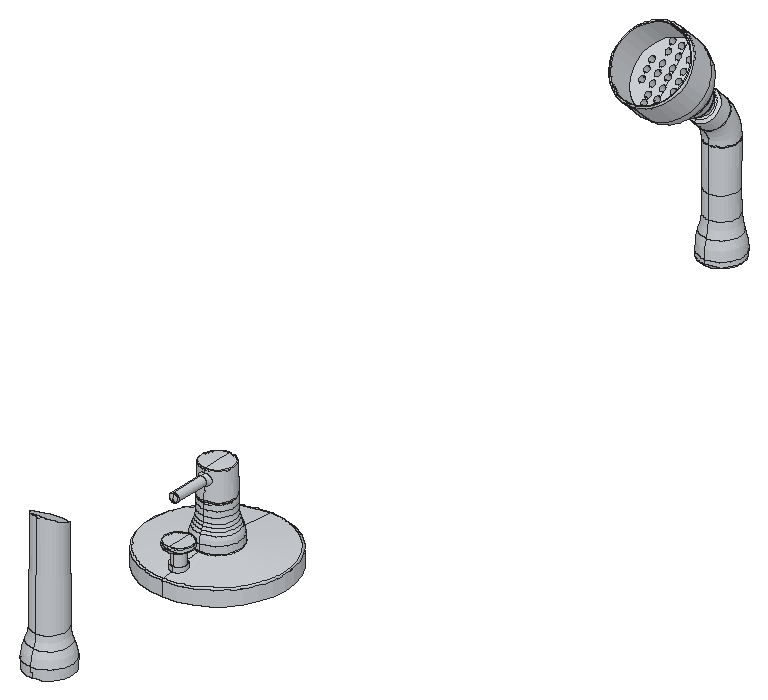
Revit family "Shower-Bath_and_Shower_Trim-KOHLER-Toobi-K-T8975", category Plumbing Fixtures, host Face, Revit 2015
Parameters (values of type "With Showerhead-CP-Polished Chrome")
  Width = 6 1/2"  # constant formula
  WaterSense Certified = 1 = 1  # yes
  Waste Water Outlet = "Waste Water Outlet"  # constant formula
  Waste Connection = 1 = 0  # no
  Vent Connection = 1 = 0  # no
  URL = "https://www.us.kohler.com/us/"
  Type = 1
  Tempered Water Inlet 2 = "Tempered Water Inlet 2"  # constant formula
  Tempered Water Inlet 1 = "Tempered Water Inlet 1"  # constant formula
  Spout distance [instance] = 10"
  Spout Reach = 6 3/4"  # constant formula
  Showerhead = or(Type = 1, Type = 2)  # yes
  Shower distance [instance] = 30"
  Product Page URL = "http://www.us.kohler.com/us/catalog/productDetails.jsp?productNumber=T8975-4"
  Product Name = "Toobi"  # constant formula
  Product Documentation Link = "https://www.us.kohler.com/webassets/kpna/catalog/pdf/en/K-T8975-4_spec.pdf"
  Pressure = 80.00 psi  # constant formula
  Model = if(Type = 1, "K-T8975-4-CP", if(Type = 2, "K-T8975-4-BN", if(Type = 3, "K-T8975-4L-CP", if(Type = 4, "K-T8975-4L-BN", "NA"))))  # "K-T8975-4-CP"
  Material = "Premium Material Construction "  # constant formula
  MasterFormat 2004 = "22.41.23"  # constant formula
  MasterFormat 1995 = "15410"  # constant formula
  Manufacturer Address = "444 Highland Dr, Kohler, WI 53044"  # constant formula
  Manufacturer = "KOHLER Co."  # constant formula
  Less Showerhead = or(Type = 3, Type = 4)  # no
  Length [instance] = if(or(Less Showerhead), 6 15/16", 10")  # 10"
  Hot Water Inlet = "Hot Water Inlet"  # constant formula
  Height = 6 1/2"  # constant formula
  HW Connection = 1 = 1  # yes
  Flow Rate = 2 GPM  # constant formula
  Finish = Kohler-Metal-CP-Polished_Chrome
  Environmental Product Declaration = ""
  Drain Included = 1 = 0  # no
  Description = if(or(Type = 1, Type = 2), "bath and shower trim set, valve not included", if(or(Type = 3, Type = 4), "Rite-Temp bath and shower trim set with push-button diverter, less showerhead", "NA"))  # "bath and shower trim set, valve not included"
  Default Elevation = 42"
  Declare Label = ""
  Date Modified = "3/22/2019"  # constant formula
  Date Created = "3/22/2019"  # constant formula
  Copyright = "Copyright KOHLER Co."  # constant formula
  Contact Us = "https://www.us.kohler.com/us/static/contact.jsp"
  Cold Water Inlet = "Cold Water Inlet"  # constant formula
  CW Connection = 1 = 0  # no
  Assembly Code = "D2010700"
  ADA Compliant = 1 = 0  # no
Reference planes (in)
  plane 1 "Center (Front/Back)": y = 0
  plane 2: z = 0
  plane 3 "Center (Left/Right)": x = 0
  plane 4: y = 30
  plane 5: y = 3.25
  plane 6: y = -3.25
  plane 7: z = 10
  plane 8: z = 6.9375
  plane 9: y = 29
  plane 10: y = 25.8125
  plane 11: y = 31
  plane 12: y = -10
  plane 13: x = -3.25
  plane 14: x = 3.25
  plane 15: z = 6.75
  plane 16: x = -1.09375
  plane 17: x = 1.09375
  plane 18: y = -8.90625
  plane 19: y = -11.09375
  plane 20: x = -1
  plane 21: x = 1
Dimensions and locks (in)
  "Spout distance": plane 12 to plane 1 "Center (Front/Back)"
  "Shower distance": plane 1 "Center (Front/Back)" to plane 4
  "Height": plane 13 to plane 14
  "Width": plane 5 to plane 6
  "Length": level to plane 7
  "Spout Reach": plane 15 to level
  locked: plane 18 to plane 19 at 2.1875
  equal spacing: plane 18, plane 12, plane 19
  plane 9 to plane 11 = 2"
  equal spacing: plane 9, plane 4, plane 11
  locked: plane 4 to plane 10 at 4.1875
  aligned and locked: plane 2 to host face
  aligned and locked: level to host face
  aligned and locked: nested 1 to plane 12
  aligned and locked: plane 4 to nested 2
Automatic sketch dimensions
  host sketch curve to host sketch curve = 96"  (x2)
Nested families (in)
  nested 1: "K-T8975-Spout" at (0, 0, 0), type "K-T8975-Spout"
  nested 2: "K-T8975-Showerhead" at (0, 30, 0), type "K-T8975-Showerhead"
  nested 3: "K-T8975-valve" at (0, 0, 0), type "K-T8975-valve"
Connectors (in)
  piping at (0, 30, 0), diameter 0.5, driven by "Flow Rate", driven by "Pressure", driven by "HW Connection", driven by "Tempered Water Inlet 1"
    settings: on nested 2, index 1, connector inside diameter 24", connector length 0", flow factor 0, pipe flow 2 GPM, pressure drop 80.00 psi, fitting loss kfactor 0, connector angle 0.00°, fixture units 0, engagement length 0", angle of deflection 0.00°, flow configuration 1, flow direction 1, fitting loss method 4, system type 19, joint type 0, gender type 0, connector reference index -1, connector utility 1, adjustable connector no, is connector primary yes, connector description "Tempered Water Inlet 1"
  piping at (0, -10, 0), diameter 0.5, driven by "Flow Rate", driven by "Pressure", driven by "HW Connection", driven by "Tempered Water Inlet 2"
    settings: on nested 1, index 2, connector inside diameter 24", connector length 0", flow factor 0, pipe flow 2 GPM, pressure drop 80.00 psi, fitting loss kfactor 0, connector angle 0.00°, fixture units 0, engagement length 0", angle of deflection 0.00°, flow configuration 1, flow direction 1, fitting loss method 4, system type 19, joint type 0, gender type 0, connector reference index -1, connector utility 1, adjustable connector no, is connector primary no, connector description "Tempered Water Inlet 2"
Definition of nested family "K-T8975-Spout"
  Parameters (values of type "K-T8975-Spout")
    Material = none
  Reference planes (in)
    plane 1 "Center (Front/Back)": y = 0
    plane 2: z = 0
    plane 3 "Center (Left/Right)": x = 0
    plane 4: z = 4.4375
    plane 5: y = -10
    plane 6: z = 6.75
    plane 7: z = 6.75
  Forms (in)
    Revolve 1, solid, material <- "Material", detail levels medium+fine
      sketch origin (0, 0, 0) x (0, 1, 0) y (0, 0, 1)
        loop
          line (-10, 6.75) -> (-10.71587, 6.75)
          arc (-10.71587, 6.75) -> (-10.73205, 6.74334) -> (-10.73885, 6.72722) r 0.02298
          line (-10.73885, 6.72722) -> (-10.78321, 1.7563)
          arc (-10.78321, 1.7563) -> (-10.81657, 1.44747) -> (-10.90983, 1.15118) r 1.57659
          arc (-10.90983, 1.15118) -> (-11.02292, 0.81477) -> (-11.08144, 0.46473) r 2.23957
          arc (-11.08144, 0.46473) -> (-11.08944, 0.23215) -> (-11.07325, 0) r 2.23957
          line (-11.07325, 0) -> (-10, 0) -> (-10, 6.75)
        axis (-10, 6.75) -> (-10, 0)
      angle from 0 to 360
    Extrusion 2, void, detail levels medium+fine
      sketch origin (0, 0, 0) x (0, 1, 0) y (0, 0, 1)
        loop
          line (-11.14514, 6.95336) -> (-9.09918, 5.93773) -> (-9.09918, 6.95336) -> (-11.14514, 6.95336)
      from -0.92074 to 1.20102
    Extrusion 3, solid, material <- "Material", detail levels medium+fine
      sketch origin (0, 0, 0) x (1, 0, 0) y (0, 1, 0)
        loop
          circle (0, -10) r 0.25
      from 0 to 0.05534
    Revolve 4, solid, material <- "Material", detail levels coarse
      sketch origin (0, -10, 0) x (1, 0, 0) y (0, 0, 1)
        loop
          line (0, 0) -> (1.25, 0) -> (1.25, 6.75) -> (0, 6.75) -> (0, 0)
        axis (0, 0) -> (0, 6.75)
      angle from 0 to 360
  Cuts and joins
    Extrusion 2 cuts Revolve 1
  Lines and regions (in)
    Masking region 1
      outline origin (0, 0, 0) x (0, 1, 0) y (0, 0, 1)
        loop
          line (-10, 0) -> (-8.92675, 0)
          arc (-8.92675, 0) -> (-8.91056, 0.23215) -> (-8.91856, 0.46473) r 2.23957
          arc (-8.91856, 0.46473) -> (-8.97708, 0.81477) -> (-9.09017, 1.15118) r 2.23957
          arc (-9.09017, 1.15118) -> (-9.18343, 1.44747) -> (-9.21679, 1.7563) r 1.57659
          line (-9.21679, 1.7563) -> (-9.2548, 6.01498) -> (-10.70789, 6.73631) -> (-10.73865, 6.75) -> (-10.78321, 1.7563)
          arc (-10.78321, 1.7563) -> (-10.81657, 1.44747) -> (-10.90983, 1.15118) r 1.57659
          arc (-10.90983, 1.15118) -> (-11.02292, 0.81477) -> (-11.08144, 0.46473) r 2.23957
          arc (-11.08144, 0.46473) -> (-11.08944, 0.23215) -> (-11.07325, 0) r 2.23957
          line (-11.07325, 0) -> (-10, 0)
    Masking region 2
      outline origin (0, 0, 0) x (1, 0, 0) y (0, 0, 1)
        loop
          line (0, 0) -> (1.07325, 0)
          arc (1.07325, 0) -> (1.08944, 0.23215) -> (1.08144, 0.46473) r 2.23957
          arc (1.08144, 0.46473) -> (1.02292, 0.81477) -> (0.90983, 1.15118) r 2.23957
          arc (0.90983, 1.15118) -> (0.81657, 1.44747) -> (0.78321, 1.7563) r 1.57659
          line (0.78321, 1.7563) -> (0.74185, 6.39128)
          spline (0.74185, 6.39128) -> (0.7152, 6.48432) -> (0.64034, 6.57088) -> (0.52232, 6.64512) -> (0.36909, 6.70204) -> (0.19098, 6.7378) -> (0, 6.75) -> (-0.19098, 6.7378) -> (-0.36909, 6.70204) -> (-0.52232, 6.64512) -> (-0.64034, 6.57088) -> (-0.7152, 6.48432) -> (-0.74185, 6.39128)
          line (-0.74185, 6.39128) -> (-0.78321, 1.7563)
          arc (-0.78321, 1.7563) -> (-0.81657, 1.44747) -> (-0.90983, 1.15118) r 1.57659
          arc (-0.90983, 1.15118) -> (-1.02292, 0.81477) -> (-1.08144, 0.46473) r 2.23957
          arc (-1.08144, 0.46473) -> (-1.08944, 0.23215) -> (-1.07325, 0) r 2.23957
          line (-1.07325, 0) -> (0, 0)
    Masking region 3
      outline origin (0, 0, 0) x (1, 0, 0) y (0, 1, 0)
        loop
          circle (0, -10) r 1.09058
    symbolic lines, detail levels medium+fine
      curve 1: line (0, -8.91856, 0.46473) -> (0, -11.08144, 0.46473)
      curve 2: line (0, -9.09017, 1.15118) -> (0, -10.90983, 1.15118)
      curve 3: line (1.08144, 0, 0.46473) -> (-1.08144, 0, 0.46473)
      curve 4: line (0.90983, 0, 1.15118) -> (-0.90983, 0, 1.15118)
      curve 5: spline (0.74235, 0, 6.33495) -> (0.69624, 0, 6.24939) -> (0.61089, 0, 6.17165) -> (0.4911, 0, 6.1061) -> (0.34364, 0, 6.05645) -> (0.1768, 0, 6.0255) -> (0, 0, 6.01498) -> (-0.1768, 0, 6.0255) -> (-0.34364, 0, 6.05645) -> (-0.4911, 0, 6.1061) -> (-0.61089, 0, 6.17165) -> (-0.69624, 0, 6.24939) -> (-0.74235, 0, 6.33495)
      curve 6: line (0, -9.2548, 0) -> (-0.26525, -10.68959, 0)
      curve 7: spline (-0.26525, -10.68959, 0) -> (-0.24399, -10.69628, 0) -> (-0.2225, -10.70234, 0) -> (-0.20081, -10.70779, 0) -> (-0.17893, -10.71262, 0) -> (-0.15689, -10.71681, 0) -> (-0.13471, -10.72037, 0) -> (-0.11241, -10.72329, 0) -> (-0.09002, -10.72556, 0) -> (-0.06756, -10.7272, 0) -> (-0.04506, -10.72818, 0) -> (-0.02253, -10.72853, 0) -> (0, -10.72822, 0)
      curve 8: spline (0, -10.72822, 0) -> (0.02253, -10.72853, 0) -> (0.04506, -10.72818, 0) -> (0.06756, -10.7272, 0) -> (0.09002, -10.72556, 0) -> (0.11241, -10.72329, 0) -> (0.13471, -10.72037, 0) -> (0.15689, -10.71681, 0) -> (0.17893, -10.71262, 0) -> (0.20081, -10.70779, 0) -> (0.2225, -10.70234, 0) -> (0.24399, -10.69628, 0) -> (0.26525, -10.68959, 0)
      curve 9: line (0.26525, -10.68959, 0) -> (0, -9.2548, 0)
  Dimensions and locks (in)
    plane 5 to plane 1 "Center (Front/Back)" = 10"
    aligned and locked: plane 2 to level
Definition of nested family "K-T8975-Showerhead"
  Parameters (values of type "K-T8975-Showerhead")
    Showerhead = yes
    Material = none
    Less Showerhead = no
  Reference planes (in)
    plane 1 "Center (Front/Back)": y = 0
    plane 2: z = 0
    plane 3 "Center (Left/Right)": x = 0
    plane 4: z = 6.9375
    plane 5: z = 10
    plane 6: y = -4.1875
    plane 7: y = 1
    plane 8 "a": through (0, -1.09663, 5.83259) normal (0, 0.7071, -0.7071)
    plane 9: through (0, -0.98071, 6.9375) normal (0, -0.7071, 0.7071)
    plane 10: y = -1
    plane 11: through (0, -4.1875, 10) normal (0, -0.7071, 0.7071)
    plane 12: y = -1.125
    plane 13: through (0, -1.125, 6.9375) normal (0, -0.7071, 0.7071)
    plane 14: x = -1
    plane 15: x = 1
  Forms (in)
    Revolve 1, solid, material <- "Material", detail levels medium+fine
      sketch origin (0, 0, 0) x (0, 1, 0) y (0, 0, 1)
        loop
          arc (0.97753, 0) -> (0.99269, 0.00622) -> (0.99912, 0.02128) r 0.0216
          arc (0.99912, 0.02128) -> (1.00032, 0.13243) -> (1.00067, 0.24359) r 14.78952
          arc (1.00067, 0.24359) -> (0.96785, 0.67096) -> (0.87059, 1.08842) r 2.81809
          arc (0.87059, 1.08842) -> (0.78286, 1.4526) -> (0.74579, 1.82536) r 2.73095
          arc (0.74579, 1.82536) -> (0.73462, 2.37844) -> (0.7348, 2.93163) r 26.93144
          arc (0.7348, 2.93163) -> (0.74304, 3.96794) -> (0.74579, 5.00427) r 195.423
          line (0.74579, 5.00427) -> (0, 5.00427) -> (0, 0) -> (0.97753, 0)
        axis (0, 5.00427) -> (0, 0)
      angle from 0 to 360
    Sweep 2, solid, material <- "Material", detail levels medium+fine
      path origin (0, 0, 0) x (0, 1, 0) y (0, 0, 1)
        loop
          line (0, 5.00427) -> (0, 5.03775)
          arc (0, 5.03775) -> (-0.13886, 5.73585) -> (-0.5343, 6.32767) r 1.82422
          line (-0.5343, 6.32767) -> (-0.56793, 6.3613)
      profile origin (0, 0, 5.02101) x (0, -1, 0) y (1, 0, 0)
        loop
          circle (0, 0) r 0.74579
    Extrusion 3, solid, material <- "Material", visible <- "Less Showerhead", detail levels medium+fine
      sketch origin (0, -3.46461, 3.46461) x (0, -0.707107, -0.707107) y (-1, 0, 0)
        loop
          circle (-4.09462, 0) r 0.44243
        loop
          circle (-4.09462, 0) r 0.37102
      from -0.69932 to 0.22831
    Extrusion 4, solid, material <- "Material", detail levels medium+fine
      sketch origin (0, 0, 0) x (1, 0, 0) y (0, 1, 0)
        loop
          circle (0, 0) r 0.25
      from 0 to 0.05
    Sweep 5, solid, material <- "Material", detail levels coarse
      path origin (0, 0, 0) x (0, 1, 0) y (0, 0, 1)
        loop
          line (0, 0) -> (0, 4.40368)
          arc (0, 4.40368) -> (-0.25489, 5.68509) -> (-0.98075, 6.77141) r 3.34847
          line (-0.98075, 6.77141) -> (-1.06377, 6.85444)
      profile origin (0, 0, 2.20184) x (0, -1, 0) y (1, 0, 0)
        loop
          circle (-0.00124, -0.00242) r 1
    Revolve 6, solid, material <- "Material", visible <- "Showerhead", detail levels medium+fine
      sketch origin (0, 0, 0) x (0, 1, 0) y (0, 0, 1)
        loop
          line (-5.37519, 8.81231) -> (-5.40723, 8.78027)
          arc (-5.40723, 8.78027) -> (-5.42492, 8.73729) -> (-5.40686, 8.69448) r 0.0604
          line (-5.40686, 8.69448) -> (-4.34663, 7.65266)
          arc (-4.34663, 7.65266) -> (-4.05904, 7.44385) -> (-3.72289, 7.32844) r 1.19996
          arc (-3.72289, 7.32844) -> (-3.35123, 7.2503) -> (-2.98396, 7.15358) r 7.55486
          arc (-2.98396, 7.15358) -> (-2.79895, 7.10428) -> (-2.61194, 7.06323) r 4.31326
          arc (-2.61194, 7.06323) -> (-2.32668, 6.96839) -> (-2.07444, 6.80487) r 1.18572
          arc (-2.07444, 6.80487) -> (-2.04713, 6.79551) -> (-2.0207, 6.8071) r 0.03971
          arc (-2.0207, 6.8071) -> (-1.91421, 6.91279) -> (-1.80691, 7.01767) r 19.76197
          arc (-1.80691, 7.01767) -> (-1.75154, 7.01364) -> (-1.69609, 7.0164) r 0.45372
          arc (-1.69609, 7.0164) -> (-1.63288, 6.98873) -> (-1.62524, 6.92015) r 0.069
          arc (-1.62524, 6.92015) -> (-1.64055, 6.79332) -> (-1.58327, 6.67912) r 0.22153
          arc (-1.58327, 6.67912) -> (-1.52892, 6.62257) -> (-1.47366, 6.56692) r 4.80756
          arc (-1.47366, 6.56692) -> (-1.51666, 6.52522) -> (-1.54457, 6.47222) r 0.19009
          line (-1.54457, 6.47222) -> (-1.59235, 6.33101) -> (-1.09528, 5.83394) -> (-0.56793, 6.3613) -> (-3.09815, 8.89152) -> (-4.27627, 7.7134) -> (-5.37519, 8.81231)
        axis (-0.56793, 6.3613) -> (-4.19707, 9.99043)
      angle from 0 to 360
    Extrusion 7, void, detail levels medium+fine
      sketch origin (0, -3.54195, 3.38727) x (0, -0.707107, -0.707107) y (-1, 0, 0)
        loop
          circle (-4.21439, 0.04675) r 0.14112
        loop
          circle (-4.21439, -0.45325) r 0.14112
        loop
          circle (-4.21439, -0.95325) r 0.14112
        loop
          circle (-4.21439, 0.54675) r 0.14112
        loop
          circle (-4.21439, 1.04675) r 0.14112
        loop
          circle (-4.62822, -0.45325) r 0.14112
        loop
          circle (-4.62822, -0.95325) r 0.14112
        loop
          circle (-4.62822, 0.54675) r 0.14112
        loop
          circle (-4.62822, 1.04675) r 0.14112
        loop
          circle (-5.12822, -0.45325) r 0.14112
        loop
          circle (-5.12822, 0.54675) r 0.14112
        loop
          circle (-3.78858, -0.45325) r 0.14112
        loop
          circle (-3.78858, -0.95325) r 0.14112
        loop
          circle (-3.78858, 0.54675) r 0.14112
        loop
          circle (-3.78858, 1.04675) r 0.14112
        loop
          circle (-3.3385, -0.50055) r 0.14112
        loop
          circle (-3.3385, 0.49945) r 0.14112
        loop
          circle (-4.59127, 0.04675) r 0.14112
        loop
          circle (-5.09127, 0.04675) r 0.14112
        loop
          circle (-3.7514, 0.04675) r 0.14112
        loop
          circle (-3.2973, 0.04675) r 0.14112
        loop
          circle (-2.99613, -0.50055) r 0.14112
        loop
          circle (-2.99613, 0.49945) r 0.14112
        loop
          circle (-2.95492, 0.04675) r 0.14112
        loop
          circle (-5.55427, -0.41122) r 0.14112
        loop
          circle (-5.55427, 0.58878) r 0.14112
        loop
          circle (-5.51307, 0.13608) r 0.14112
      from -4.64839 to -3.20044
    Revolve 8, solid, material <- "Material", visible <- "Showerhead", detail levels coarse
      sketch origin (0, 0, 0) x (0, 1, 0) y (0, 0, 1)
        loop
          line (-1.17056, 5.74304) -> (-0.56012, 6.35348) -> (-4.19707, 9.99043) -> (-5.37519, 8.81231) -> (-5.40723, 8.78027)
          arc (-5.40723, 8.78027) -> (-5.42492, 8.73729) -> (-5.40686, 8.69448) r 0.0604
          line (-5.40686, 8.69448) -> (-4.34663, 7.65266)
          arc (-4.34663, 7.65266) -> (-4.05904, 7.44385) -> (-3.72289, 7.32844) r 1.19996
          arc (-3.72289, 7.32844) -> (-3.35123, 7.2503) -> (-2.98396, 7.15358) r 7.55486
          arc (-2.98396, 7.15358) -> (-2.25439, 6.80633) -> (-1.67287, 6.24534) r 2.51099
          line (-1.67287, 6.24534) -> (-1.17056, 5.74304)
        axis (-4.19707, 9.99043) -> (-0.56012, 6.35348)
      angle from 0 to 360
  Cuts and joins
    joined: Revolve 1, Sweep 2
    Extrusion 7 cuts Revolve 6
    Extrusion 7 cuts Extrusion 3
  Lines and regions (in)
    Masking region 1, visible <- "Less Showerhead"
      outline origin (0, 0, 0) x (1, 0, 0) y (0, 1, 0)
        loop
          spline (0.44258, -0.99373) -> (0.47737, -0.97445) -> (0.51047, -0.95374) -> (0.54179, -0.93168) -> (0.5712, -0.90835) -> (0.5986, -0.88382) -> (0.62391, -0.8582) -> (0.64702, -0.83155) -> (0.66785, -0.80399) -> (0.68634, -0.7756) -> (0.70243, -0.74648) -> (0.71604, -0.71675) -> (0.72714, -0.68649)
          arc (0.72714, -0.68649) -> (0, 1) -> (-0.72714, -0.68649) r 1
          spline (-0.72714, -0.68649) -> (-0.71604, -0.71675) -> (-0.70243, -0.74648) -> (-0.68634, -0.7756) -> (-0.66785, -0.80399) -> (-0.64702, -0.83155) -> (-0.62391, -0.8582) -> (-0.5986, -0.88382) -> (-0.5712, -0.90835) -> (-0.54179, -0.93168) -> (-0.51047, -0.95374) -> (-0.47737, -0.97445) -> (-0.44258, -0.99373)
          line (-0.44258, -0.99373) -> (-0.44258, -1.05423)
          arc (-0.44258, -1.05423) -> (-0.41311, -1.17665) -> (-0.33114, -1.27223) r 0.26893
          arc (-0.33114, -1.27223) -> (-0.174, -1.35116) -> (0, -1.37662) r 0.55144
          arc (0, -1.37662) -> (0.174, -1.35116) -> (0.33114, -1.27223) r 0.55144
          arc (0.33114, -1.27223) -> (0.41311, -1.17665) -> (0.44258, -1.05423) r 0.26893
          line (0.44258, -1.05423) -> (0.44258, -0.99373)
    Masking region 2, visible <- "Less Showerhead"
      outline origin (0, 0, 0) x (1, 0, 0) y (0, 1, 0)
        loop
          spline (-0.44243, -1.06377) -> (-0.43864, -1.10461) -> (-0.42735, -1.14474) -> (-0.40875, -1.18349) -> (-0.38315, -1.22019) -> (-0.351, -1.25422) -> (-0.31284, -1.28499) -> (-0.26933, -1.31197) -> (-0.22121, -1.3347) -> (-0.16931, -1.3528) -> (-0.11451, -1.36596) -> (-0.05775, -1.37394) -> (0, -1.37662)
          spline (0, -1.37662) -> (0.05775, -1.37394) -> (0.11451, -1.36596) -> (0.16931, -1.3528) -> (0.22121, -1.3347) -> (0.26933, -1.31197) -> (0.31284, -1.28499) -> (0.351, -1.25422) -> (0.38315, -1.22019) -> (0.40875, -1.18349) -> (0.42735, -1.14474) -> (0.43864, -1.10461) -> (0.44243, -1.06377)
          line (0.44243, -1.06377) -> (0.44243, -0.44338)
          spline (0.44243, -0.44338) -> (0.42735, -0.36241) -> (0.38315, -0.28696) -> (0.31284, -0.22217) -> (0.22121, -0.17245) -> (0.11451, -0.1412) -> (0, -0.13054) -> (-0.11451, -0.1412) -> (-0.22121, -0.17245) -> (-0.31284, -0.22217) -> (-0.38315, -0.28696) -> (-0.42735, -0.36241) -> (-0.44243, -0.44338)
          line (-0.44243, -0.44338) -> (-0.44243, -1.06377)
    Masking region 3, visible <- "Less Showerhead"
      outline origin (0, 0, 0) x (0, 1, 0) y (0, 0, 1)
        loop
          line (-0.82307, 7.23943) -> (-1.44876, 6.61374) -> (-0.88212, 6.0471) -> (-1.10049, 5.82874)
          arc (-1.10049, 5.82874) -> (-0.84386, 5.4515) -> (-0.7536, 5.00427) r 1.15324
          arc (-0.7536, 5.00427) -> (-0.75086, 3.96794) -> (-0.74261, 2.93163) r 195.423
          arc (-0.74261, 2.93163) -> (-0.74243, 2.37844) -> (-0.7536, 1.82536) r 26.93144
          arc (-0.7536, 1.82536) -> (-0.77537, 1.45374) -> (-0.86901, 1.09346) r 1.90448
          arc (-0.86901, 1.09346) -> (-0.96526, 0.7409) -> (-1, 0.37709) r 2.13608
          arc (-1, 0.37709) -> (-1.00063, 0.19918) -> (-0.99912, 0.02128) r 14.78952
          arc (-0.99912, 0.02128) -> (-0.99269, 0.00622) -> (-0.97753, 0) r 0.0216
          line (-0.97753, 0) -> (0, 0) -> (0.97753, 0)
          arc (0.97753, 0) -> (0.99269, 0.00622) -> (0.99912, 0.02128) r 0.0216
          arc (0.99912, 0.02128) -> (1.00063, 0.19918) -> (1, 0.37709) r 14.78952
          arc (1, 0.37709) -> (0.96527, 0.7408) -> (0.86907, 1.09328) r 2.13608
          arc (0.86907, 1.09328) -> (0.77542, 1.45366) -> (0.7536, 1.82536) r 1.90624
          arc (0.7536, 1.82536) -> (0.74243, 2.37844) -> (0.74261, 2.93163) r 26.93144
          arc (0.74261, 2.93163) -> (0.7505, 3.90234) -> (0.75356, 4.87307) r 195.423
          arc (0.75356, 4.87307) -> (0.75031, 5.04393) -> (0.74032, 5.21453) r 4.33484
          arc (0.74032, 5.21453) -> (0.5058, 6.12415) -> (-0.04192, 6.8873) r 2.55208
          line (-0.04192, 6.8873) -> (-0.25643, 6.67279) -> (-0.82307, 7.23943)
    Masking region 4, visible <- "Less Showerhead"
      outline origin (0, 0, 0) x (1, 0, 0) y (0, 0, 1)
        loop
          spline (0.43277, 6.78943) -> (0.44164, 6.83573) -> (0.44065, 6.88246) -> (0.42983, 6.92855) -> (0.40943, 6.97299) -> (0.37989, 7.01479) -> (0.34188, 7.05301) -> (0.29624, 7.0868) -> (0.24399, 7.11541) -> (0.1863, 7.13819) -> (0.12445, 7.15465) -> (0.05983, 7.16441) -> (-0.00613, 7.16725)
          spline (-0.00613, 7.16725) -> (-0.07094, 7.16324) -> (-0.13422, 7.15254) -> (-0.1946, 7.1354) -> (-0.25076, 7.11218) -> (-0.30151, 7.08339) -> (-0.34573, 7.04964) -> (-0.38248, 7.01168) -> (-0.41096, 6.97032) -> (-0.43055, 6.92644) -> (-0.44083, 6.88102) -> (-0.44157, 6.83501) -> (-0.43277, 6.78943)
          spline (-0.43277, 6.78943) -> (-0.47953, 6.76384) -> (-0.52328, 6.7357) -> (-0.56373, 6.70521) -> (-0.60065, 6.67254) -> (-0.63378, 6.63791) -> (-0.66293, 6.60153) -> (-0.68792, 6.56363) -> (-0.70858, 6.52445) -> (-0.72478, 6.48424) -> (-0.73643, 6.44324) -> (-0.74345, 6.40173) -> (-0.74579, 6.35995)
          line (-0.74579, 6.35995) -> (-0.74579, 5.00427)
          arc (-0.74579, 5.00427) -> (-0.74304, 3.96794) -> (-0.7348, 2.93163) r 195.423
          arc (-0.7348, 2.93163) -> (-0.73462, 2.37844) -> (-0.74579, 1.82536) r 26.93144
          arc (-0.74579, 1.82536) -> (-0.78286, 1.4526) -> (-0.87059, 1.08842) r 2.73095
          arc (-0.87059, 1.08842) -> (-0.96785, 0.67096) -> (-1.00067, 0.24359) r 2.81809
          arc (-1.00067, 0.24359) -> (-1.00032, 0.13243) -> (-0.99912, 0.02128) r 14.78952
          arc (-0.99912, 0.02128) -> (-0.99269, 0.00622) -> (-0.97753, 0) r 0.0216
          line (-0.97753, 0) -> (0, 0) -> (0.97753, 0)
          arc (0.97753, 0) -> (0.99269, 0.00622) -> (0.99912, 0.02128) r 0.0216
          arc (0.99912, 0.02128) -> (1.00032, 0.13243) -> (1.00067, 0.24359) r 14.78952
          arc (1.00067, 0.24359) -> (0.96785, 0.67096) -> (0.87059, 1.08842) r 2.81809
          arc (0.87059, 1.08842) -> (0.78286, 1.4526) -> (0.74579, 1.82536) r 2.73095
          arc (0.74579, 1.82536) -> (0.73462, 2.37844) -> (0.7348, 2.93163) r 26.93144
          arc (0.7348, 2.93163) -> (0.74304, 3.96794) -> (0.74579, 5.00427) r 195.423
          line (0.74579, 5.00427) -> (0.74579, 6.35995)
          spline (0.74579, 6.35995) -> (0.74345, 6.40173) -> (0.73643, 6.44324) -> (0.72478, 6.48424) -> (0.70858, 6.52445) -> (0.68792, 6.56363) -> (0.66293, 6.60153) -> (0.63378, 6.63791) -> (0.60065, 6.67254) -> (0.56373, 6.70521) -> (0.52328, 6.7357) -> (0.47953, 6.76384) -> (0.43277, 6.78943)
    Masking region 5, visible <- "Showerhead"
      outline origin (0, 0, 0) x (0, 1, 0) y (0, 0, 1)
        loop
          line (-1.09663, 5.83259) -> (-1.59303, 6.32899) -> (-1.54457, 6.47222)
          arc (-1.54457, 6.47222) -> (-1.51666, 6.52522) -> (-1.47366, 6.56692) r 0.19009
          arc (-1.47366, 6.56692) -> (-1.52892, 6.62257) -> (-1.58327, 6.67912) r 4.80756
          arc (-1.58327, 6.67912) -> (-1.64055, 6.79332) -> (-1.62524, 6.92015) r 0.22153
          arc (-1.62524, 6.92015) -> (-1.63288, 6.98873) -> (-1.69609, 7.0164) r 0.069
          arc (-1.69609, 7.0164) -> (-1.75154, 7.01364) -> (-1.80691, 7.01767) r 0.45372
          arc (-1.80691, 7.01767) -> (-1.91421, 6.91279) -> (-2.0207, 6.8071) r 19.76197
          arc (-2.0207, 6.8071) -> (-2.04713, 6.79551) -> (-2.07444, 6.80487) r 0.03971
          arc (-2.07444, 6.80487) -> (-2.32668, 6.96839) -> (-2.61194, 7.06323) r 1.18572
          arc (-2.61194, 7.06323) -> (-2.79895, 7.10428) -> (-2.98396, 7.15358) r 4.31326
          arc (-2.98396, 7.15358) -> (-3.35123, 7.2503) -> (-3.72289, 7.32844) r 7.55486
          arc (-3.72289, 7.32844) -> (-4.05904, 7.44385) -> (-4.34663, 7.65266) r 1.19996
          line (-4.34663, 7.65266) -> (-5.40686, 8.69448)
          arc (-5.40686, 8.69448) -> (-5.42492, 8.73729) -> (-5.40723, 8.78027) r 0.0604
          line (-5.40723, 8.78027) -> (-2.9869, 11.2006)
          arc (-2.9869, 11.2006) -> (-2.94393, 11.21829) -> (-2.90111, 11.20022) r 0.0604
          line (-2.90111, 11.20022) -> (-1.8593, 10.14)
          arc (-1.8593, 10.14) -> (-1.65049, 9.8524) -> (-1.53507, 9.51626) r 1.19996
          arc (-1.53507, 9.51626) -> (-1.45693, 9.14459) -> (-1.36021, 8.77733) r 7.55486
          arc (-1.36021, 8.77733) -> (-1.31091, 8.59232) -> (-1.26986, 8.40531) r 4.31326
          arc (-1.26986, 8.40531) -> (-1.17503, 8.12005) -> (-1.0115, 7.8678) r 1.18572
          arc (-1.0115, 7.8678) -> (-1.00214, 7.8405) -> (-1.01374, 7.81407) r 0.03971
          arc (-1.01374, 7.81407) -> (-1.11943, 7.70757) -> (-1.2243, 7.60028) r 19.76197
          arc (-1.2243, 7.60028) -> (-1.22027, 7.54491) -> (-1.22303, 7.48946) r 0.45372
          arc (-1.22303, 7.48946) -> (-1.19536, 7.42625) -> (-1.12679, 7.41861) r 0.069
          arc (-1.12679, 7.41861) -> (-0.99995, 7.43392) -> (-0.88575, 7.37664) r 0.22153
          arc (-0.88575, 7.37664) -> (-0.8292, 7.32229) -> (-0.77355, 7.26702) r 4.80756
          arc (-0.77355, 7.26702) -> (-0.73186, 7.31003) -> (-0.67885, 7.33793) r 0.19009
          line (-0.67885, 7.33793) -> (-0.53562, 7.3864) -> (-0.03922, 6.89)
        loop
          arc (-0.04192, 6.8873) -> (0.5058, 6.12415) -> (0.74032, 5.21453) r 2.55208
          arc (0.74032, 5.21453) -> (0.75031, 5.04393) -> (0.75356, 4.87307) r 4.33484
          arc (0.75356, 4.87307) -> (0.7505, 3.90234) -> (0.74261, 2.93163) r 195.423
          arc (0.74261, 2.93163) -> (0.74243, 2.37844) -> (0.7536, 1.82536) r 26.93144
          arc (0.7536, 1.82536) -> (0.77542, 1.45366) -> (0.86907, 1.09328) r 1.90624
          arc (0.86907, 1.09328) -> (0.96527, 0.7408) -> (1, 0.37709) r 2.13608
          arc (1, 0.37709) -> (1.00063, 0.19918) -> (0.99912, 0.02128) r 14.78952
          arc (0.99912, 0.02128) -> (0.99269, 0.00622) -> (0.97753, 0) r 0.0216
          line (0.97753, 0) -> (0, 0) -> (-0.97753, 0)
          arc (-0.97753, 0) -> (-0.99269, 0.00622) -> (-0.99912, 0.02128) r 0.0216
          arc (-0.99912, 0.02128) -> (-1.00063, 0.19918) -> (-1, 0.37709) r 14.78952
          arc (-1, 0.37709) -> (-0.96526, 0.7409) -> (-0.86901, 1.09346) r 2.13608
          arc (-0.86901, 1.09346) -> (-0.77537, 1.45374) -> (-0.7536, 1.82536) r 1.90448
          arc (-0.7536, 1.82536) -> (-0.74243, 2.37844) -> (-0.74261, 2.93163) r 26.93144
          arc (-0.74261, 2.93163) -> (-0.75086, 3.96794) -> (-0.7536, 5.00427) r 195.423
          arc (-0.7536, 5.00427) -> (-0.84386, 5.4515) -> (-1.10049, 5.82874) r 1.15324
    Masking region 6, visible <- "Showerhead"
      outline origin (0, 0, 0) x (1, 0, 0) y (0, 0, 1)
        loop
          spline (0.74579, 6.89545) -> (0.74368, 6.91243) -> (0.7408, 6.92935) -> (0.73715, 6.9462) -> (0.73273, 6.96295) -> (0.72756, 6.97959) -> (0.72162, 6.99611) -> (0.71494, 7.01249) -> (0.70751, 7.0287) -> (0.69935, 7.04474) -> (0.69046, 7.06058) -> (0.68085, 7.07621) -> (0.67054, 7.09161)
          arc (0.67054, 7.09161) -> (0.73177, 7.20651) -> (0.75922, 7.33377) r 0.47117
          arc (0.75922, 7.33377) -> (0.89252, 7.44969) -> (1.01762, 7.5744) r 2.59546
          arc (1.01762, 7.5744) -> (1.15774, 7.69541) -> (1.29707, 7.81732) r 28.43463
          arc (1.29707, 7.81732) -> (1.56183, 8.17053) -> (1.72107, 8.58224) r 1.61493
          arc (1.72107, 8.58224) -> (1.75364, 8.77979) -> (1.75894, 8.97993) r 1.46246
          arc (1.75894, 8.97993) -> (1.77274, 9.48987) -> (1.77014, 10) r 15.8572
          arc (1.77014, 10) -> (1.67558, 10.38959) -> (1.42602, 10.70333) r 0.93136
          arc (1.42602, 10.70333) -> (-0.00253, 11.21022) -> (-1.43109, 10.70333) r 2.2665
          arc (-1.43109, 10.70333) -> (-1.67704, 10.38851) -> (-1.77014, 10) r 0.94058
          arc (-1.77014, 10) -> (-1.77274, 9.48987) -> (-1.75894, 8.97993) r 15.8572
          arc (-1.75894, 8.97993) -> (-1.75364, 8.77979) -> (-1.72107, 8.58224) r 1.46246
          arc (-1.72107, 8.58224) -> (-1.56183, 8.17053) -> (-1.29707, 7.81732) r 1.61493
          arc (-1.29707, 7.81732) -> (-1.15774, 7.69541) -> (-1.01762, 7.5744) r 28.43463
          arc (-1.01762, 7.5744) -> (-0.89176, 7.44898) -> (-0.75761, 7.33247) r 2.59546
          arc (-0.75761, 7.33247) -> (-0.731, 7.2065) -> (-0.66915, 7.09359) r 0.44109
          spline (-0.66915, 7.09359) -> (-0.67967, 7.07805) -> (-0.68946, 7.06227) -> (-0.69852, 7.04628) -> (-0.70683, 7.03009) -> (-0.7144, 7.01372) -> (-0.72121, 6.99718) -> (-0.72726, 6.98049) -> (-0.73253, 6.96367) -> (-0.73702, 6.94674) -> (-0.74073, 6.92971) -> (-0.74366, 6.91261) -> (-0.74579, 6.89545)
          line (-0.74579, 6.89545) -> (-0.74579, 6.35995) -> (-0.74579, 5.00427)
          arc (-0.74579, 5.00427) -> (-0.74304, 3.96794) -> (-0.7348, 2.93163) r 195.423
          arc (-0.7348, 2.93163) -> (-0.73462, 2.37844) -> (-0.74579, 1.82536) r 26.93144
          arc (-0.74579, 1.82536) -> (-0.78286, 1.4526) -> (-0.87059, 1.08842) r 2.73095
          arc (-0.87059, 1.08842) -> (-0.96785, 0.67096) -> (-1.00067, 0.24359) r 2.81809
          arc (-1.00067, 0.24359) -> (-1.00032, 0.13243) -> (-0.99912, 0.02128) r 14.78952
          arc (-0.99912, 0.02128) -> (-0.99269, 0.00622) -> (-0.97753, 0) r 0.0216
          line (-0.97753, 0) -> (0, 0) -> (0.97753, 0)
          arc (0.97753, 0) -> (0.99269, 0.00622) -> (0.99912, 0.02128) r 0.0216
          arc (0.99912, 0.02128) -> (1.00032, 0.13243) -> (1.00067, 0.24359) r 14.78952
          arc (1.00067, 0.24359) -> (0.96785, 0.67096) -> (0.87059, 1.08842) r 2.81809
          arc (0.87059, 1.08842) -> (0.78286, 1.4526) -> (0.74579, 1.82536) r 2.73095
          arc (0.74579, 1.82536) -> (0.73462, 2.37844) -> (0.7348, 2.93163) r 26.93144
          arc (0.7348, 2.93163) -> (0.74304, 3.96794) -> (0.74579, 5.00427) r 195.423
          line (0.74579, 5.00427) -> (0.74579, 6.35995) -> (0.74579, 6.89545)
    Masking region 7, visible <- "Showerhead"
      outline origin (0, 0, 0) x (1, 0, 0) y (0, 1, 0)
        loop
          line (0.74579, -1) -> (0.74579, -0.66618)
          arc (0.74579, -0.66618) -> (0, 1) -> (-0.74579, -0.66618) r 1
          line (-0.74579, -0.66618) -> (-0.74579, -1)
          arc (-0.74579, -1) -> (-0.73673, -1.15676) -> (-0.6702, -1.29898) r 0.41585
          arc (-0.6702, -1.29898) -> (-0.72766, -1.41109) -> (-0.7557, -1.5339) r 0.50699
          arc (-0.7557, -1.5339) -> (-0.86156, -1.62595) -> (-0.9595, -1.72637) r 1.70605
          arc (-0.9595, -1.72637) -> (-1.00961, -1.77864) -> (-1.06302, -1.82752) r 1.11053
          arc (-1.06302, -1.82752) -> (-1.08369, -1.84571) -> (-1.10535, -1.86271) r 0.49188
          arc (-1.10535, -1.86271) -> (-1.14967, -1.89656) -> (-1.19296, -1.93172) r 1.8791
          arc (-1.19296, -1.93172) -> (-1.60923, -2.47056) -> (-1.76142, -3.13424) r 1.58722
          line (-1.76142, -3.13424) -> (-1.76654, -3.68752) -> (-1.77001, -4.06369)
          arc (-1.77001, -4.06369) -> (-1.56269, -4.75287) -> (-1.00113, -5.20299) r 1.21199
          arc (-1.00113, -5.20299) -> (-0.51382, -5.37349) -> (0, -5.4239) r 2.1674
          arc (0, -5.4239) -> (0.51382, -5.37349) -> (1.00113, -5.20299) r 2.1674
          arc (1.00113, -5.20299) -> (1.56269, -4.75287) -> (1.77001, -4.06369) r 1.21199
          line (1.77001, -4.06369) -> (1.76654, -3.68752) -> (1.76142, -3.13424)
          arc (1.76142, -3.13424) -> (1.60923, -2.47056) -> (1.19296, -1.93172) r 1.58722
          arc (1.19296, -1.93172) -> (1.14967, -1.89656) -> (1.10535, -1.86271) r 1.8791
          arc (1.10535, -1.86271) -> (1.08369, -1.84571) -> (1.06302, -1.82752) r 0.49188
          arc (1.06302, -1.82752) -> (1.00961, -1.77864) -> (0.9595, -1.72637) r 1.11053
          arc (0.9595, -1.72637) -> (0.86156, -1.62595) -> (0.7557, -1.5339) r 1.70605
          arc (0.7557, -1.5339) -> (0.72766, -1.41109) -> (0.6702, -1.29898) r 0.50699
          arc (0.6702, -1.29898) -> (0.73673, -1.15676) -> (0.74579, -1) r 0.41585
    symbolic lines, detail levels medium+fine
      curve 1: line (0, 0.98191, 0.37709) -> (0, -0.98191, 0.37709)
      curve 2: line (0, 0.74579, 1.82536) -> (0, -0.74579, 1.82536)
      curve 3: line (1.00067, 0, 0.24359) -> (-1.00067, 0, 0.24359)
      curve 4: line (0.79189, 0, 1.40215) -> (-0.79189, 0, 1.40215)
      curve 5: spline (0, -0.04192, 0) -> (-0.09735, -0.04644, 0) -> (-0.19303, -0.05989, 0) -> (-0.2854, -0.08207, 0) -> (-0.3729, -0.11258, 0) -> (-0.45401, -0.1509, 0) -> (-0.52735, -0.19638, 0) -> (-0.59168, -0.24824, 0) -> (-0.64587, -0.3056, 0) -> (-0.68902, -0.36747, 0) -> (-0.72038, -0.43279, 0) -> (-0.73941, -0.50044, 0) -> (-0.74579, -0.56928, 0)
      curve 6: spline (0.74579, -0.56928, 0) -> (0.73941, -0.50044, 0) -> (0.72038, -0.43279, 0) -> (0.68902, -0.36747, 0) -> (0.64587, -0.3056, 0) -> (0.59168, -0.24824, 0) -> (0.52735, -0.19638, 0) -> (0.45401, -0.1509, 0) -> (0.3729, -0.11258, 0) -> (0.2854, -0.08207, 0) -> (0.19303, -0.05989, 0) -> (0.09735, -0.04644, 0) -> (0, -0.04192, 0)
      curve 7: line (0.74579, -0.56928, 0) -> (0.74579, 0, 0)
      curve 8: line (-0.74579, -0.56928, 0) -> (-0.77563, 0, 0)
      curve 33: arc (0.74579, 0, 0) -> (-0.01492, 0.76071, 0) -> (-0.77563, 0, 0) r 0.76071
      curve 60: line (0.74579, -0.56928, 0) -> (0.74579, -0.66618, 0)
      curve 61: line (-0.74579, -0.56928, 0) -> (-0.74579, -0.66618, 0)
    symbolic lines, visible <- "Less Showerhead", detail levels medium+fine
      curve 9: spline (0, -1.32613, 0) -> (-0.09603, -1.31719, 0) -> (-0.18551, -1.29098, 0) -> (-0.26235, -1.24928, 0) -> (-0.32132, -1.19495, 0) -> (-0.35838, -1.13167, 0) -> (-0.37102, -1.06377, 0) -> (-0.35838, -0.99587, 0) -> (-0.32132, -0.93259, 0) -> (-0.26235, -0.87826, 0) -> (-0.18551, -0.83657, 0) -> (-0.09603, -0.81036, 0) -> (0, -0.80142, 0)
      curve 10: spline (0, -0.80142, 0) -> (0.09603, -0.81036, 0) -> (0.18551, -0.83657, 0) -> (0.26235, -0.87826, 0) -> (0.32132, -0.93259, 0) -> (0.35838, -0.99587, 0) -> (0.37102, -1.06377, 0) -> (0.35838, -1.13167, 0) -> (0.32132, -1.19495, 0) -> (0.26235, -1.24928, 0) -> (0.18551, -1.29098, 0) -> (0.09603, -1.31719, 0) -> (0, -1.32613, 0)
      curve 11: line (0, -0.32997, 6.74633) -> (0, -0.95566, 6.12064)
      curve 12: line (0, -0.42562, 6.84198) -> (0, -1.05131, 6.21629)
      curve 13: line (0, -0.52114, 6.9375) -> (0, -1.14683, 6.31181)
      curve 14: line (0, -0.61201, 7.02836) -> (0, -1.2377, 6.40268)
      curve 62: spline (0.43914, 0, 6.78754) -> (0.37359, 0, 6.81771) -> (0.30393, 0, 6.84287) -> (0.23093, 0, 6.86273) -> (0.15538, 0, 6.87708) -> (0.07813, 0, 6.88575) -> (0.00002, 0, 6.88865) -> (-0.07809, 0, 6.88575) -> (-0.15535, 0, 6.87708) -> (-0.23089, 0, 6.86274) -> (-0.3039, 0, 6.84288) -> (-0.37356, 0, 6.81773) -> (-0.43911, 0, 6.78755)
      curve 63: line (0, -0.25643, 6.67279) -> (0, -0.88212, 6.0471)
    symbolic lines, visible <- "Showerhead", detail levels medium+fine
      curve 15: line (0, -0.77355, 7.26702) -> (0, -1.47366, 6.56692)
      curve 16: line (0, -1.12679, 7.41861) -> (0, -1.62524, 6.92015)
      curve 17: line (0, -1.22303, 7.48946) -> (0, -1.69609, 7.0164)
      curve 18: line (0, -1.80691, 7.01767) -> (0, -1.2243, 7.60028)
      curve 19: line (0, -1.8593, 10.14) -> (0, -4.34663, 7.65266)
      curve 20: line (0, -0.53562, 7.3864) -> (0, -1.59303, 6.32899)
      curve 21: line (0, -1.22856, 7.16556) -> (0, -1.05179, 6.98879)
      curve 22: line (0, -1.19542, 6.84515) -> (0, -1.37219, 7.02193)
      curve 23: arc (0, -1.37219, 7.02193) -> (0, -1.37219, 7.16556) -> (0, -1.22856, 7.16556) r 0.10156
      curve 24: line (0, -1.28381, 6.93354) -> (0, -1.56131, 6.65604)
      curve 25: line (0, -1.14018, 7.07717) -> (0, -0.86268, 7.35467)
      curve 26: spline (0.67054, 0, 7.09161) -> (0.63703, 0, 7.1345) -> (0.59806, 0, 7.17501) -> (0.55395, 0, 7.2128) -> (0.50508, 0, 7.24754) -> (0.45187, 0, 7.27892) -> (0.39478, 0, 7.30669) -> (0.3343, 0, 7.33061) -> (0.27096, 0, 7.35046) -> (0.20528, 0, 7.36608) -> (0.13784, 0, 7.37734) -> (0.06922, 0, 7.38413) -> (0, 0, 7.3864)
      curve 27: spline (0, 0, 7.3864) -> (-0.06896, 0, 7.38415) -> (-0.13733, 0, 7.3774) -> (-0.20453, 0, 7.36623) -> (-0.26999, 0, 7.35073) -> (-0.33314, 0, 7.33102) -> (-0.39346, 0, 7.30728) -> (-0.45042, 0, 7.2797) -> (-0.50354, 0, 7.24853) -> (-0.55237, 0, 7.21402) -> (-0.5965, 0, 7.17648) -> (-0.63553, 0, 7.13622) -> (-0.66915, 0, 7.09359)
      curve 28: spline (0, 0, 7.60028) -> (-0.05377, 0, 7.59779) -> (-0.10662, 0, 7.59035) -> (-0.15765, 0, 7.5781) -> (-0.20598, 0, 7.56125) -> (-0.25079, 0, 7.54008) -> (-0.2913, 0, 7.51496) -> (-0.32683, 0, 7.48631) -> (-0.35677, 0, 7.45463) -> (-0.38061, 0, 7.42045) -> (-0.39793, 0, 7.38437) -> (-0.40844, 0, 7.347) -> (-0.41196, 0, 7.30898)
      curve 29: spline (0.41196, 0, 7.30898) -> (0.40844, 0, 7.347) -> (0.39793, 0, 7.38437) -> (0.38061, 0, 7.42045) -> (0.35677, 0, 7.45463) -> (0.32683, 0, 7.48631) -> (0.2913, 0, 7.51496) -> (0.25079, 0, 7.54008) -> (0.20598, 0, 7.56125) -> (0.15765, 0, 7.5781) -> (0.10662, 0, 7.59035) -> (0.05377, 0, 7.59779) -> (0, 0, 7.60028)
      curve 30: arc (0.3361, 0, 7.32997) -> (-0.00008, 0, 7.43679) -> (-0.33625, 0, 7.32992) r 0.58229
      curve 31: arc (0.41457, 0, 7.29769) -> (0.41262, 0, 7.30318) -> (0.41196, 0, 7.30898) r 0.02576
      curve 32: arc (-0.41196, 0, 7.30898) -> (-0.41216, 0, 7.30375) -> (-0.41274, 0, 7.29855) r 0.07061
      curve 34: spline (0, -0.53562, 0) -> (-0.12675, -0.54327, 0) -> (-0.24984, -0.56601, 0) -> (-0.36569, -0.60317, 0) -> (-0.47095, -0.65368, 0) -> (-0.56258, -0.71608, 0) -> (-0.63793, -0.78855, 0) -> (-0.69481, -0.86902, 0) -> (-0.73158, -0.95513, 0) -> (-0.74717, -1.0444, 0) -> (-0.74113, -1.13426, 0) -> (-0.71364, -1.22208, 0) -> (-0.66549, -1.30535, 0)
      curve 35: spline (0.66549, -1.30535, 0) -> (0.71364, -1.22208, 0) -> (0.74113, -1.13426, 0) -> (0.74717, -1.0444, 0) -> (0.73158, -0.95513, 0) -> (0.69481, -0.86902, 0) -> (0.63793, -0.78855, 0) -> (0.56258, -0.71608, 0) -> (0.47095, -0.65368, 0) -> (0.36569, -0.60317, 0) -> (0.24984, -0.56601, 0) -> (0.12675, -0.54327, 0) -> (0, -0.53562, 0)
      curve 36: spline (0, -0.77355, 0) -> (-0.06461, -0.77654, 0) -> (-0.12812, -0.78548, 0) -> (-0.18943, -0.80019, 0) -> (-0.24751, -0.82044, 0) -> (-0.30135, -0.84588, 0) -> (-0.35003, -0.87606, 0) -> (-0.39273, -0.91049, 0) -> (-0.42871, -0.94855, 0) -> (-0.45735, -0.98962, 0) -> (-0.47817, -1.03297, 0) -> (-0.49081, -1.07787, 0) -> (-0.49505, -1.12356, 0)
      curve 37: spline (0.49505, -1.12356, 0) -> (0.49081, -1.07787, 0) -> (0.47817, -1.03297, 0) -> (0.45735, -0.98962, 0) -> (0.42871, -0.94855, 0) -> (0.39273, -0.91049, 0) -> (0.35003, -0.87606, 0) -> (0.30135, -0.84588, 0) -> (0.24751, -0.82044, 0) -> (0.18943, -0.80019, 0) -> (0.12812, -0.78548, 0) -> (0.06461, -0.77654, 0) -> (0, -0.77355, 0)
      curve 38: spline (-1.44607, -3.68331, 0) -> (-1.36814, -3.77051, 0) -> (-1.27972, -3.85255, 0) -> (-1.18149, -3.92882, 0) -> (-1.0742, -3.99871, 0) -> (-0.95868, -4.0617, 0) -> (-0.83581, -4.1173, 0) -> (-0.70653, -4.1651, 0) -> (-0.57184, -4.20471, 0) -> (-0.43276, -4.23583, 0) -> (-0.29036, -4.25824, 0) -> (-0.14574, -4.27175, 0) -> (0, -4.27627, 0)
      curve 39: spline (0, -4.27627, 0) -> (0.14994, -4.27149, 0) -> (0.29865, -4.25719, 0) -> (0.44495, -4.23348, 0) -> (0.58763, -4.20056, 0) -> (0.72555, -4.15869, 0) -> (0.85758, -4.10822, 0) -> (0.98265, -4.04955, 0) -> (1.09974, -3.98316, 0) -> (1.20791, -3.90959, 0) -> (1.30628, -3.82944, 0) -> (1.39405, -3.74335, 0) -> (1.47051, -3.65202, 0)
      curve 40: spline (-0.15662, -3.98273, 0) -> (-0.15182, -3.9569, 0) -> (-0.13772, -3.93283, 0) -> (-0.11529, -3.91217, 0) -> (-0.08606, -3.89631, 0) -> (-0.05203, -3.88634, 0) -> (-0.0155, -3.88294, 0) -> (0.02102, -3.88634, 0) -> (0.05506, -3.89631, 0) -> (0.08429, -3.91217, 0) -> (0.10671, -3.93283, 0) -> (0.12081, -3.9569, 0) -> (0.12562, -3.98273, 0) -> (0.12081, -4.00855, 0) -> (0.10671, -4.03262, 0) -> (0.08429, -4.05329, 0) -> (0.05506, -4.06915, 0) -> (0.02102, -4.07911, 0) -> (-0.0155, -4.08252, 0) -> (-0.05203, -4.07911, 0) -> (-0.08606, -4.06915, 0) -> (-0.11529, -4.05329, 0) -> (-0.13772, -4.03262, 0) -> (-0.15182, -4.00855, 0) -> (-0.15662, -3.98273, 0)
      curve 41: spline (0.52262, -3.85503, 0) -> (0.58792, -3.87522, 0) -> (0.63093, -3.9154, 0) -> (0.6407, -3.96531, 0) -> (0.61473, -4.01224, 0) -> (0.55964, -4.04421, 0) -> (0.48949, -4.05307, 0) -> (0.42215, -4.03656, 0) -> (0.37481, -3.9989, 0) -> (0.35954, -3.94967, 0) -> (0.38023, -3.90145, 0) -> (0.4316, -3.86653, 0) -> (0.50055, -3.8538, 0)
      curve 42: spline (0.50055, -3.61171, 0) -> (0.56965, -3.62449, 0) -> (0.62105, -3.65955, 0) -> (0.64159, -3.70792, 0) -> (0.626, -3.7572, 0) -> (0.57829, -3.79478, 0) -> (0.51067, -3.81103, 0) -> (0.44046, -3.80179, 0) -> (0.38564, -3.76942, 0) -> (0.36025, -3.72222, 0) -> (0.37079, -3.67227, 0) -> (0.41457, -3.63237, 0) -> (0.48037, -3.61273, 0)
      curve 43: spline (-0.15662, -3.74063, 0) -> (-0.15182, -3.71481, 0) -> (-0.13772, -3.69074, 0) -> (-0.11529, -3.67007, 0) -> (-0.08606, -3.65421, 0) -> (-0.05203, -3.64424, 0) -> (-0.0155, -3.64084, 0) -> (0.02102, -3.64424, 0) -> (0.05506, -3.65421, 0) -> (0.08429, -3.67007, 0) -> (0.10671, -3.69074, 0) -> (0.12081, -3.71481, 0) -> (0.12562, -3.74063, 0) -> (0.12081, -3.76646, 0) -> (0.10671, -3.79053, 0) -> (0.08429, -3.81119, 0) -> (0.05506, -3.82705, 0) -> (0.02102, -3.83702, 0) -> (-0.0155, -3.84042, 0) -> (-0.05203, -3.83702, 0) -> (-0.08606, -3.82705, 0) -> (-0.11529, -3.81119, 0) -> (-0.13772, -3.79053, 0) -> (-0.15182, -3.76646, 0) -> (-0.15662, -3.74063, 0)
      curve 44: spline (-0.03807, -3.37496, 0) -> (-0.10323, -3.3953, 0) -> (-0.14604, -3.43555, 0) -> (-0.1556, -3.48545, 0) -> (-0.12948, -3.53231, 0) -> (-0.07432, -3.56417, 0) -> (-0.00418, -3.57293, 0) -> (0.06307, -3.55635, 0) -> (0.11031, -3.51866, 0) -> (0.12551, -3.46946, 0) -> (0.10478, -3.42127, 0) -> (0.05342, -3.38638, 0) -> (-0.0155, -3.37367, 0)
      curve 45: spline (0.64168, -3.44433, 0) -> (0.63687, -3.4185, 0) -> (0.62277, -3.39443, 0) -> (0.60034, -3.37377, 0) -> (0.57111, -3.35791, 0) -> (0.53708, -3.34794, 0) -> (0.50055, -3.34454, 0) -> (0.46403, -3.34794, 0) -> (0.42999, -3.35791, 0) -> (0.40077, -3.37377, 0) -> (0.37834, -3.39443, 0) -> (0.36424, -3.4185, 0) -> (0.35943, -3.44433, 0) -> (0.36424, -3.47015, 0) -> (0.37834, -3.49422, 0) -> (0.40077, -3.51489, 0) -> (0.42999, -3.53075, 0) -> (0.46403, -3.54072, 0) -> (0.50055, -3.54412, 0) -> (0.53708, -3.54072, 0) -> (0.57111, -3.53075, 0) -> (0.60034, -3.51489, 0) -> (0.62277, -3.49422, 0) -> (0.63687, -3.47015, 0) -> (0.64168, -3.44433, 0)
      curve 46: spline (0.81213, -3.39324, 0) -> (0.81693, -3.36742, 0) -> (0.83103, -3.34335, 0) -> (0.85346, -3.32268, 0) -> (0.88269, -3.30683, 0) -> (0.91672, -3.29686, 0) -> (0.95325, -3.29346, 0) -> (0.98977, -3.29686, 0) -> (1.02381, -3.30683, 0) -> (1.05304, -3.32268, 0) -> (1.07546, -3.34335, 0) -> (1.08956, -3.36742, 0) -> (1.09437, -3.39324, 0) -> (1.08956, -3.41907, 0) -> (1.07546, -3.44314, 0) -> (1.05304, -3.46381, 0) -> (1.02381, -3.47966, 0) -> (0.98977, -3.48963, 0) -> (0.95325, -3.49303, 0) -> (0.91672, -3.48963, 0) -> (0.88269, -3.47966, 0) -> (0.85346, -3.46381, 0) -> (0.83103, -3.44314, 0) -> (0.81693, -3.41907, 0) -> (0.81213, -3.39324, 0)
      curve 47: spline (-0.90563, -3.42449, 0) -> (-0.91044, -3.45032, 0) -> (-0.92454, -3.47439, 0) -> (-0.94696, -3.49506, 0) -> (-0.97619, -3.51091, 0) -> (-1.01023, -3.52088, 0) -> (-1.04675, -3.52428, 0) -> (-1.08328, -3.52088, 0) -> (-1.11731, -3.51091, 0) -> (-1.14654, -3.49506, 0) -> (-1.16897, -3.47439, 0) -> (-1.18307, -3.45032, 0) -> (-1.18787, -3.42449, 0) -> (-1.18307, -3.39867, 0) -> (-1.16897, -3.3746, 0) -> (-1.14654, -3.35393, 0) -> (-1.11731, -3.33808, 0) -> (-1.08328, -3.32811, 0) -> (-1.04675, -3.32471, 0) -> (-1.01023, -3.32811, 0) -> (-0.97619, -3.33808, 0) -> (-0.94696, -3.35393, 0) -> (-0.92454, -3.3746, 0) -> (-0.91044, -3.39867, 0) -> (-0.90563, -3.42449, 0)
      curve 48: spline (-0.15662, -3.09215, 0) -> (-0.15182, -3.07316, 0) -> (-0.13772, -3.05546, 0) -> (-0.11529, -3.04027, 0) -> (-0.08606, -3.02861, 0) -> (-0.05203, -3.02128, 0) -> (-0.0155, -3.01878, 0) -> (0.02102, -3.02128, 0) -> (0.05506, -3.02861, 0) -> (0.08429, -3.04027, 0) -> (0.10671, -3.05546, 0) -> (0.12081, -3.07316, 0) -> (0.12562, -3.09215, 0) -> (0.12081, -3.11114, 0) -> (0.10671, -3.12884, 0) -> (0.08429, -3.14403, 0) -> (0.05506, -3.15569, 0) -> (0.02102, -3.16302, 0) -> (-0.0155, -3.16552, 0) -> (-0.05203, -3.16302, 0) -> (-0.08606, -3.15569, 0) -> (-0.11529, -3.14403, 0) -> (-0.13772, -3.12884, 0) -> (-0.15182, -3.11114, 0) -> (-0.15662, -3.09215, 0)
      curve 49: spline (0.59357, -3.10277, 0) -> (0.58306, -3.13129, 0) -> (0.56124, -3.15639, 0) -> (0.52999, -3.17589, 0) -> (0.49205, -3.18809, 0) -> (0.45073, -3.19192, 0) -> (0.40963, -3.18705, 0) -> (0.37233, -3.17391, 0) -> (0.34209, -3.15363, 0) -> (0.32154, -3.12799, 0) -> (0.31248, -3.09923, 0) -> (0.31569, -3.06985, 0) -> (0.3309, -3.04242, 0)
      curve 50: arc (-0.66549, -1.30535, 0) -> (0, -0.95338, 0) -> (0.66549, -1.30535, 0) r 0.80513
      curve 51: spline (-0.52262, -3.85503, 0) -> (-0.58792, -3.87522, 0) -> (-0.63093, -3.9154, 0) -> (-0.6407, -3.96531, 0) -> (-0.61473, -4.01224, 0) -> (-0.55964, -4.04421, 0) -> (-0.48949, -4.05307, 0) -> (-0.42215, -4.03656, 0) -> (-0.37481, -3.9989, 0) -> (-0.35954, -3.94967, 0) -> (-0.38023, -3.90145, 0) -> (-0.4316, -3.86653, 0) -> (-0.50055, -3.8538, 0)
      curve 52: spline (-0.50055, -3.61171, 0) -> (-0.56965, -3.62449, 0) -> (-0.62105, -3.65955, 0) -> (-0.64159, -3.70792, 0) -> (-0.626, -3.7572, 0) -> (-0.57829, -3.79478, 0) -> (-0.51067, -3.81103, 0) -> (-0.44046, -3.80179, 0) -> (-0.38564, -3.76942, 0) -> (-0.36025, -3.72222, 0) -> (-0.37079, -3.67227, 0) -> (-0.41457, -3.63237, 0) -> (-0.48037, -3.61273, 0)
      curve 53: spline (-0.64168, -3.44433, 0) -> (-0.63687, -3.4185, 0) -> (-0.62277, -3.39443, 0) -> (-0.60034, -3.37377, 0) -> (-0.57111, -3.35791, 0) -> (-0.53708, -3.34794, 0) -> (-0.50055, -3.34454, 0) -> (-0.46403, -3.34794, 0) -> (-0.42999, -3.35791, 0) -> (-0.40077, -3.37377, 0) -> (-0.37834, -3.39443, 0) -> (-0.36424, -3.4185, 0) -> (-0.35943, -3.44433, 0) -> (-0.36424, -3.47015, 0) -> (-0.37834, -3.49422, 0) -> (-0.40077, -3.51489, 0) -> (-0.42999, -3.53075, 0) -> (-0.46403, -3.54072, 0) -> (-0.50055, -3.54412, 0) -> (-0.53708, -3.54072, 0) -> (-0.57111, -3.53075, 0) -> (-0.60034, -3.51489, 0) -> (-0.62277, -3.49422, 0) -> (-0.63687, -3.47015, 0) -> (-0.64168, -3.44433, 0)
      curve 54: spline (-0.59351, -3.10317, 0) -> (-0.58286, -3.13162, 0) -> (-0.56093, -3.15665, 0) -> (-0.52964, -3.17606, 0) -> (-0.4917, -3.18816, 0) -> (-0.45041, -3.19192, 0) -> (-0.40937, -3.18699, 0) -> (-0.37214, -3.17381, 0) -> (-0.34198, -3.15353, 0) -> (-0.32149, -3.1279, 0) -> (-0.31248, -3.09917, 0) -> (-0.31571, -3.06982, 0) -> (-0.3309, -3.04242, 0)
      curve 55: spline (1.47435, -3.64833, 0) -> (1.66391, -4.1365, 0) -> (1.54624, -4.63585, 0) -> (1.14308, -5.05419, 0) -> (0.52885, -5.31426, 0) -> (-0.18302, -5.36806, 0) -> (-0.8611, -5.20564, 0) -> (-1.38019, -4.857, 0) -> (-1.64443, -4.38651, 0) -> (-1.60505, -3.88104, 0) -> (-1.26931, -3.43392, 0) -> (-0.69921, -3.12771, 0) -> (0, -3.01895, 0)
      curve 56: spline (0, -3.01895, 0) -> (0.15062, -3.02377, 0) -> (0.3, -3.0382, 0) -> (0.44693, -3.06212, 0) -> (0.5902, -3.09534, 0) -> (0.72863, -3.13758, 0) -> (0.8611, -3.18849, 0) -> (0.98652, -3.24767, 0) -> (1.10385, -3.31461, 0) -> (1.21215, -3.38879, 0) -> (1.31052, -3.46958, 0) -> (1.39816, -3.55633, 0) -> (1.47435, -3.64833, 0)
      curve 57: arc (0.59048, -3.09593, 0) -> (0.59304, -3.09889, 0) -> (0.59357, -3.10277, 0) r 0.00692
      curve 58: arc (-1.46838, -3.64039, 0) -> (-1.45939, -3.66297, 0) -> (-1.44607, -3.68331, 0) r 0.1212
      curve 59: arc (1.47051, -3.65202, 0) -> (1.47202, -3.64912, 0) -> (1.47253, -3.64588, 0) r 0.01003
  Dimensions and locks (in)
    plane 4 to level = 6 15/16"
    plane 14 to plane 3 "Center (Left/Right)" = 1"
    aligned and locked: plane 2 to level
Definition of nested family "K-T8975-valve"
  Parameters (values of type "K-T8975-valve")
    Material = none
  Reference planes (in)
    plane 1 "Center (Front/Back)": y = 0
    plane 2: z = 0
    plane 3 "Center (Left/Right)": x = 0
    plane 4: y = -3.25
    plane 5: y = 3.25
    plane 6: z = 4.4375
    plane 7: y = -2.625
    plane 8: x = 3.25
    plane 9: x = -3.25
  Forms (in)
    Revolve 1, solid, material <- "Material", detail levels medium+fine
      sketch origin (0, 0, 0) x (0, 1, 0) y (0, 0, 1)
        loop
          arc (3.25, 0.69075) -> (3.23291, 0.73681) -> (3.18992, 0.76058) r 0.07063
          arc (3.18992, 0.76058) -> (2.14107, 0.89154) -> (1.08688, 0.96858) r 20.62214
          arc (1.08688, 0.96858) -> (1.06646, 0.97782) -> (1.0579, 0.99853) r 0.03042
          arc (1.0579, 0.99853) -> (1.05611, 1.16398) -> (1.05552, 1.32943) r 22.93149
          arc (1.05552, 1.32943) -> (1.03552, 1.52262) -> (0.97638, 1.70762) r 0.94328
          arc (0.97638, 1.70762) -> (0.94488, 1.78278) -> (0.91252, 1.85757) r 7.1457
          arc (0.91252, 1.85757) -> (0.8847, 1.92828) -> (0.8625, 2.00095) r 0.96947
          arc (0.8625, 2.00095) -> (0.84286, 2.07752) -> (0.82416, 2.15433) r 6.44701
          arc (0.82416, 2.15433) -> (0.80292, 2.2748) -> (0.79582, 2.39691) r 1.05142
          arc (0.79582, 2.39691) -> (0.79491, 2.53587) -> (0.79217, 2.6748) r 10.52548
          arc (0.79217, 2.6748) -> (0.78878, 2.8124) -> (0.78583, 2.95001) r 42.16321
          arc (0.78583, 2.95001) -> (0.77691, 2.9706) -> (0.75611, 2.97901) r 0.02958
          arc (0.75611, 2.97901) -> (0.73813, 2.97894) -> (0.72015, 2.97889) r 13.4823
          arc (0.72015, 2.97889) -> (0.69645, 2.98679) -> (0.6823, 3.00737) r 0.03929
          arc (0.6823, 3.00737) -> (0.72405, 3.00724) -> (0.7658, 3.00694) r 10.07672
          arc (0.7658, 3.00694) -> (0.77965, 3.01264) -> (0.78523, 3.02654) r 0.01926
          line (0.78523, 3.02654) -> (0.76175, 4.37197)
          arc (0.76175, 4.37197) -> (0.75612, 4.38594) -> (0.74261, 4.39258) r 0.02107
          arc (0.74261, 4.39258) -> (0.37166, 4.42083) -> (0, 4.4375) r 11.93319
          line (0, 4.4375) -> (0, 0) -> (3.25, 0) -> (3.25, 0.69075)
        axis (0, 0) -> (0, 4.4375)
      angle from 0 to 360
    Revolve 2, solid, material <- "Material", detail levels medium+fine
      sketch origin (0, 0, 0) x (0, 1, 0) y (0, 0, 1)
        loop
          line (-2.625, 3.95184) -> (-0.65199, 3.95184) -> (-0.65199, 4.33404)
          arc (-0.65199, 4.33404) -> (-0.78289, 4.2078) -> (-0.95883, 4.1618) r 0.35942
          line (-0.95883, 4.1618) -> (-2.56649, 4.1618)
